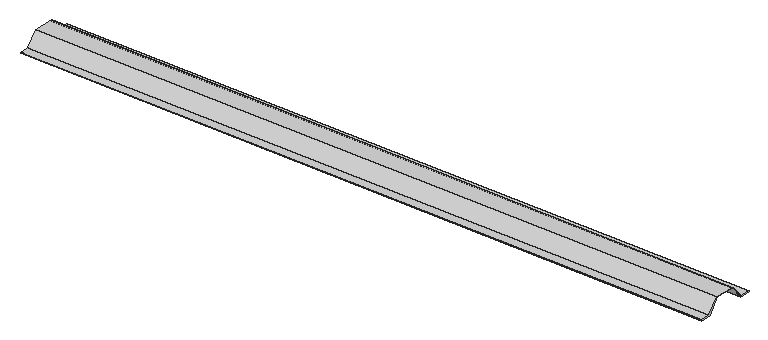
Revit family "0068bacf28924a78ae32ddcf6c05dbf0", category Structural Framing, Revit 2021
Family settings
  Structural Framing Length Roundoff = 0' - 0"
  Section Shape = Not Defined
  Material for Model Behavior = Steel
  Always export as geometry = No
  OmniClass Number = 23.25.30.11.14.14
  OmniClass Title = Beams
  Seek Item ID = Light Gauge-Furring Hat Channels-0000-USA-ENU
  Always vertical = Yes
  Cut with Voids When Loaded = No
  Symbolic Representation = From Project Settings
  Shared = No
  Show family pre-cut in plan views = Yes
Parameters (values of type "FC7/8")
  x = t1 / tan(90.00° - Angle / 2)  # 0' - 0.01485"
  t = 16
  t1 = if((t / 0.95 * 0' 1" / 1000) < 0' 0 1/32", 0' 0 1/32", (t / 0.95 * 0' 1" / 1000))  # 0' - 0 1/32"
  d = 0' - 0 11/16"
  W = 0
  Structural Material [instance] = Metal - Light Gauge
  B2 = 0' - 2 3/4"
  B1 = 0' - 1 3/8"
  D = 0' - 0 7/8"
  Assembly Code = "B10"
  Length [instance] = 5' - 0"
  Angle = if((B2 - B1) = 0' 0", 90.00°, atan(2 * (D - t1) / (B2 - B1)))  # 50.8263°
  A = 0.00 in²
Reference planes (in)
  plane 1 "Center (Front/Back)": y = 0
  plane 2: z = 0
  plane 3 "Center (Left/Right)": x = 0.0003
  plane 4 "Member Left": x = -23.8185
  plane 5 "Member Right": x = 24.1815
  plane 6: z = -0.875
  plane 7 "Left": x = -29.8185
  plane 8 "Right": x = 30.1815
  plane 9: y = -2.0625
  plane 10: y = 2.0625
  plane 11: y = 0.6875
  plane 12: y = -0.6875
  plane 13: y = 1.375
  plane 14: y = -1.375
  plane 15: y = 1.36015
  plane 16: y = -1.36015
  plane 17: y = -0.67265
  plane 18: y = 0.67265
Forms (in)
  Sweep 1, solid, material "Metal - Light Gauge" <- "Structural Material", detail levels medium+fine
    path origin (0, 0, 0) x (1, 0, 0) y (0, 1, 0)
      loop
        line (24.1815, 0) -> (-23.8185, 0)
    profile origin (0.1815, 0, 0) x (0, -1, 0) y (0, 0, 1)
      loop
        line (-0.6875, 0) -> (-1.375, -0.84375) -> (-2.0625, -0.84375) -> (-2.0625, -0.875) -> (-1.36015, -0.875) -> (-0.67265, -0.03125) -> (0.67265, -0.03125) -> (1.36015, -0.875) -> (2.0625, -0.875) -> (2.0625, -0.84375) -> (1.375, -0.84375) -> (0.6875, 0) -> (-0.6875, 0)
Lines and regions (in)
  symbolic lines, style "Hidden Faces", detail levels medium+fine
    curve 1: line (-23.8185, 1.36015, 0) -> (24.1815, 1.36015, 0)
    curve 2: line (-23.8185, 0.1875, -0.03125) -> (24.1815, 0.1875, -0.03125)
    curve 3: line (-23.8185, 0.67265, 0) -> (24.1815, 0.67265, 0)
    curve 4: line (-23.8185, -0.67265, 0) -> (24.1815, -0.67265, 0)
    curve 5: line (-23.8185, -1.36015, 0) -> (24.1815, -1.36015, 0)
  symbolic lines, style "Stick Symbols", detail levels coarse
    curve 6: line (-29.8185, 2.0625, -0.875) -> (-29.8185, 1.375, -0.875)
    curve 7: line (-29.8185, 1.375, -0.875) -> (-29.8185, 0.6875, 0)
    curve 8: line (-29.8185, 0.6875, 0) -> (-29.8185, -0.6875, 0)
    curve 9: line (-29.8185, -0.6875, 0) -> (-29.8185, -1.375, -0.875)
    curve 10: line (-29.8185, -1.375, -0.875) -> (-29.8185, -2.0625, -0.875)
Dimensions and locks (in)
  "Length": plane 7 "Left" to plane 8 "Right"
  equal spacing: plane 11, plane 1 "Center (Front/Back)", plane 12
  equal spacing: plane 13, plane 1 "Center (Front/Back)", plane 14
  "d": plane 10 to plane 13
  "d": plane 14 to plane 9
  "D": plane 6 to plane 2
  "B2": plane 13 to plane 14
  "B1": plane 11 to plane 12
  "t1": Sweep 1 sketch curve to Sweep 1 sketch curve  (x5)
  "x": plane 13 to plane 15
  "x": plane 16 to plane 14
  "x": plane 17 to plane 12
  "x": plane 11 to plane 18
  aligned and locked: Sweep 1 sketch curve to plane 1 "Center (Front/Back)"
  aligned and locked: profile plane to plane 1 "Center (Front/Back)"
  aligned and locked: plane 2 to level
  aligned and locked: Sweep 1 sketch curve to profile plane
  aligned and locked: plane 6 to Sweep 1 sketch curve
  aligned and locked: plane 9 to Sweep 1 sketch curve
  aligned and locked: plane 13 to Sweep 1 sketch curve
  aligned and locked: plane 14 to Sweep 1 sketch curve
  aligned and locked: plane 12 to Sweep 1 sketch curve
  aligned and locked: plane 11 to Sweep 1 sketch curve
  aligned and locked: plane 10 to Sweep 1 sketch curve  (x2)
  aligned and locked: plane 18 to Sweep 1 sketch curve
  aligned and locked: plane 17 to Sweep 1 sketch curve
  aligned and locked: curve 3 to plane 18
  aligned and locked: curve 4 to plane 17
  aligned and locked: curve 2 to Sweep 1
  aligned and locked: plane 6 to curve 6
  aligned and locked: curve 8 to level
  aligned and locked: plane 6 to curve 10
  aligned and locked: plane 9 to curve 10
  aligned and locked: plane 10 to curve 6
  aligned and locked: plane 11 to curve 8
  aligned and locked: plane 12 to curve 9
  aligned and locked: plane 14 to curve 10
  aligned and locked: curve 5 to plane 16
  aligned and locked: curve 1 to plane 15
  aligned and locked: plane 4 "Member Left" to Sweep 1 sketch curve
  aligned and locked: plane 5 "Member Right" to Sweep 1 sketch curve
  aligned and locked: plane 4 "Member Left" to curve 1
  aligned and locked: plane 4 "Member Left" to curve 3
  aligned and locked: plane 4 "Member Left" to curve 4
  aligned and locked: plane 4 "Member Left" to curve 5
  aligned and locked: plane 5 "Member Right" to curve 1
  aligned and locked: plane 5 "Member Right" to curve 3
  aligned and locked: plane 5 "Member Right" to curve 4
  aligned and locked: plane 5 "Member Right" to curve 5
  aligned and locked: plane 4 "Member Left" to curve 2
  aligned and locked: plane 5 "Member Right" to curve 2
Automatic sketch dimensions
  curve 7 to plane 13 = 0' - 0"
